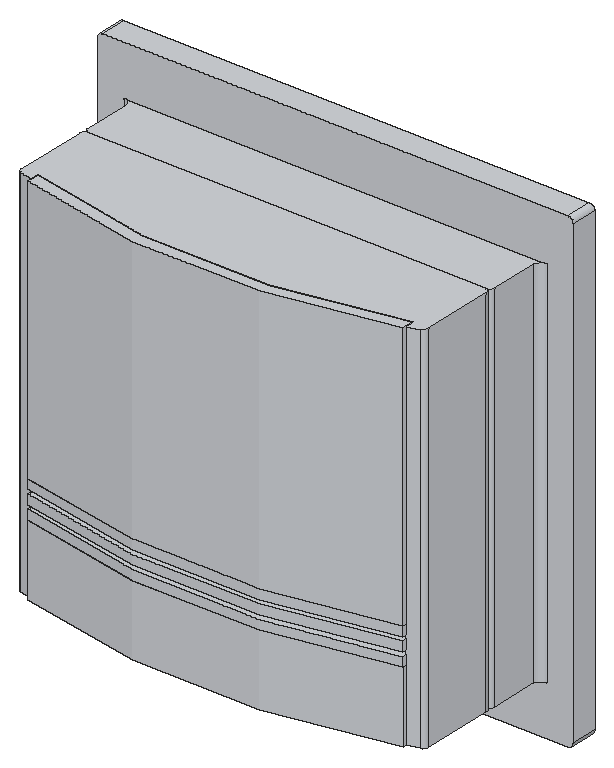
Revit family "室内用湿度ｾﾝｻｰver.2019(ロゴなし)", category 電気設備, Revit 2019
Family settings
  パネル構成 = 2 列表示、回路横
  丸型コネクタ寸法 = 直径を使用
  パーツ タイプ = 配電盤
  OmniClass 番号 = 23.80.30.11.17
  OmniClass タイトル = Distribution Boards and Control Panels
  作業面ベース = いいえ
  常に垂直 = はい
  ロード時にボイドで切り取り = いいえ
  共有 = いいえ
  部屋計算ポイント = いいえ
Parameters
  電線管φ [instance] = 1 mm
Reference planes
  plane 1 "中心(正面/背面)": y = 0
  plane 2: z = 0
  plane 3 "中心(左/右)": x = 0
Forms (mm)
  Extrusion 1, solid
    sketch origin (0, 0, 0) x (1, 0, 0) y (0, 0, 1)
      loop
        arc (-45, -44) -> (-44.707, -44.707) -> (-44, -45) r 1
        line (-44, -45) -> (44, -45)
        arc (44, -45) -> (44.707, -44.707) -> (45, -44) r 1
        line (45, -44) -> (45, 44)
        arc (45, 44) -> (44.707, 44.707) -> (44, 45) r 1
        line (44, 45) -> (-44, 45)
        arc (-44, 45) -> (-44.707, 44.707) -> (-45, 44) r 1
        line (-45, 44) -> (-45, -44)
    from -27.5 to -22.5
  Extrusion 2, solid
    sketch origin (0, 0, 0) x (1, 0, 0) y (0, 1, 0)
      loop
        arc (-40, 22.5) -> (-38.939, 22.061) -> (-38.5, 21) r 1.5
        line (-38.5, 21) -> (-38.5, 12)
        arc (-38.5, 12) -> (-38.207, 11.293) -> (-37.5, 11) r 1
        line (-37.5, 11) -> (37.5, 11)
        arc (37.5, 11) -> (38.207, 11.293) -> (38.5, 12) r 1
        line (38.5, 12) -> (38.5, 21)
        arc (38.5, 21) -> (38.939, 22.061) -> (40, 22.5) r 1.5
        line (40, 22.5) -> (-40, 22.5)
    from -35.5 to 35.41
  Extrusion 3, solid
    sketch origin (0, 0, 0) x (1, 0, 0) y (0, 1, 0)
      loop
        arc (-37.5, 11) -> (-38.207, 10.707) -> (-38.5, 10) r 1
        line (-38.5, 10) -> (-38.5, -3.669)
        arc (-38.5, -3.669) -> (-38.307, -4.259) -> (-37.804, -4.622) r 1
        arc (-37.804, -4.622) -> (-36.654, -4.982) -> (-35.5, -5.331) r 124.5
        line (-35.5, -5.331) -> (-35.5, -3.557)
        arc (-35.5, -3.557) -> (0, -8.8) -> (35.5, -3.557) r 122.8
        line (35.5, -3.557) -> (35.5, -5.331)
        arc (35.5, -5.331) -> (36.654, -4.982) -> (37.804, -4.622) r 124.5
        arc (37.804, -4.622) -> (38.307, -4.259) -> (38.5, -3.669) r 1
        line (38.5, -3.669) -> (38.5, 10)
        arc (38.5, 10) -> (38.207, 10.707) -> (37.5, 11) r 1
        line (37.5, 11) -> (-37.5, 11)
    from -35.5 to 35.5
  Extrusion 4, solid
    sketch origin (0, 0, 0) x (1, 0, 0) y (0, 1, 0)
      loop
        arc (-35.5, -5.853) -> (0, -11) -> (35.5, -5.853) r 125
        line (35.5, -5.853) -> (35.5, -3.557)
        arc (35.5, -3.557) -> (0, -8.8) -> (-35.5, -3.557) r 122.8
        line (-35.5, -3.557) -> (-35.5, -5.853)
    from -35.5 to -22
  Extrusion 5, solid
    sketch origin (0, -0.043, 0) x (1, 0, 0) y (0, 1, 0)
      loop
        arc (-35.5, -5.853) -> (0, -11) -> (35.5, -5.853) r 125
        line (35.5, -5.853) -> (35.5, -3.557)
        arc (35.5, -3.557) -> (0, -8.8) -> (-35.5, -3.557) r 122.8
        line (-35.5, -3.557) -> (-35.5, -5.853)
    from -15 to 35.5
  Extrusion 6, solid
    sketch origin (0, -0.043, -4.4) x (1, 0, 0) y (0, 1, 0)
      loop
        arc (-35.5, -5.853) -> (0, -11) -> (35.5, -5.853) r 125
        line (35.5, -5.853) -> (35.5, -3.557)
        arc (35.5, -3.557) -> (0, -8.8) -> (-35.5, -3.557) r 122.8
        line (-35.5, -3.557) -> (-35.5, -5.853)
    from -15 to -13.2
  Extrusion 7, solid
    sketch origin (0, -0.043, -1.8) x (1, 0, 0) y (0, 1, 0)
      loop
        arc (-35.5, -5.853) -> (0, -11) -> (35.5, -5.853) r 125
        line (35.5, -5.853) -> (35.5, -3.557)
        arc (35.5, -3.557) -> (0, -8.8) -> (-35.5, -3.557) r 122.8
        line (-35.5, -3.557) -> (-35.5, -5.853)
    from -15 to -13.2
  Extrusion 8, solid
    sketch origin (0, -0.043, -7) x (1, 0, 0) y (0, 1, 0)
      loop
        arc (-35.5, -5.853) -> (0, -11) -> (35.5, -5.853) r 125
        line (35.5, -5.853) -> (35.5, -3.557)
        arc (35.5, -3.557) -> (0, -8.8) -> (-35.5, -3.557) r 122.8
        line (-35.5, -3.557) -> (-35.5, -5.853)
    from -15 to -13.2
  Extrusion 9, solid
    sketch origin (0, 0, 0) x (1, 0, 0) y (0, 0, 1)
      loop
        circle (0, 0) r 0.5
    from -27.5 to -11
Dimensions and locks
  "電線管φ": diameter of Extrusion 9 sketch curve
  aligned and locked: level to plane 2
Automatic sketch dimensions
  Extrusion 1 sketch curve to plane 3 "中心(左/右)" = 45 mm
  Extrusion 1 sketch curve to Extrusion 1 sketch curve = 1 mm  (x3)
  plane 3 "中心(左/右)" to Extrusion 1 sketch curve = 44 mm  (x2)
  Extrusion 1 sketch curve to level = 45 mm
  level to Extrusion 1 sketch curve = 44 mm
  Extrusion 2 sketch curve to plane 3 "中心(左/右)" = 40 mm
  Extrusion 2 sketch curve to Extrusion 2 sketch curve = 1.5 mm  (x2)
  Extrusion 2 sketch curve to Extrusion 2 sketch curve = 1 mm  (x2)
  Extrusion 2 sketch curve to plane 1 "中心(正面/背面)" = 11 mm
  plane 3 "中心(左/右)" to Extrusion 2 sketch curve = 37.5 mm
  Extrusion 2 sketch curve to Extrusion 2 sketch curve = 9 mm  (x2)
  Extrusion 2 sketch curve to Extrusion 2 sketch curve = 0 mm  (x3)
  Extrusion 3 sketch curve to Extrusion 3 sketch curve = 0 mm  (x6)
  Extrusion 3 sketch curve to plane 3 "中心(左/右)" = 0 mm
  plane 1 "中心(正面/背面)" to Extrusion 3 sketch curve = 5.331 mm  (x2)
  Extrusion 3 sketch curve to plane 3 "中心(左/右)" = 35.5 mm
  Extrusion 3 sketch curve to Extrusion 3 sketch curve = 2 mm  (x4)
  Extrusion 3 sketch curve to Extrusion 3 sketch curve = 1 mm  (x2)
  plane 3 "中心(左/右)" to Extrusion 3 sketch curve = 35.5 mm
  Extrusion 3 sketch curve to Extrusion 3 sketch curve = 1.662 mm  (x2)
  Extrusion 3 sketch curve to Extrusion 3 sketch curve = 1.775 mm
  Extrusion 3 sketch curve to plane 1 "中心(正面/背面)" = 10 mm
  Extrusion 3 sketch curve to Extrusion 3 sketch curve = 103 mm
  Extrusion 4 sketch curve to Extrusion 4 sketch curve = 0 mm  (x2)
  Extrusion 4 sketch curve to plane 3 "中心(左/右)" = 0 mm
  plane 1 "中心(正面/背面)" to Extrusion 4 sketch curve = 5.853 mm  (x2)
  Extrusion 4 sketch curve to plane 3 "中心(左/右)" = 35.5 mm
  Extrusion 4 sketch curve to Extrusion 4 sketch curve = 2.296 mm
  Extrusion 4 sketch curve to plane 1 "中心(正面/背面)" = 114 mm
  Extrusion 5 sketch curve to Extrusion 5 sketch curve = 0 mm  (x2)
  Extrusion 5 sketch curve to plane 3 "中心(左/右)" = 0 mm
  plane 1 "中心(正面/背面)" to Extrusion 5 sketch curve = 5.896 mm  (x2)
  Extrusion 5 sketch curve to plane 3 "中心(左/右)" = 35.5 mm
  Extrusion 5 sketch curve to Extrusion 5 sketch curve = 2.296 mm
  Extrusion 5 sketch curve to plane 1 "中心(正面/背面)" = 113.957 mm
  Extrusion 6 sketch curve to Extrusion 6 sketch curve = 0 mm  (x2)
  Extrusion 6 sketch curve to plane 3 "中心(左/右)" = 0 mm
  plane 1 "中心(正面/背面)" to Extrusion 6 sketch curve = 5.896 mm  (x2)
  Extrusion 6 sketch curve to plane 3 "中心(左/右)" = 35.5 mm
  Extrusion 6 sketch curve to Extrusion 6 sketch curve = 2.296 mm
  Extrusion 6 sketch curve to plane 1 "中心(正面/背面)" = 113.957 mm
  Extrusion 7 sketch curve to Extrusion 7 sketch curve = 0 mm  (x2)
  Extrusion 7 sketch curve to plane 3 "中心(左/右)" = 0 mm
  plane 1 "中心(正面/背面)" to Extrusion 7 sketch curve = 5.896 mm  (x2)
  Extrusion 7 sketch curve to plane 3 "中心(左/右)" = 35.5 mm
  Extrusion 7 sketch curve to Extrusion 7 sketch curve = 2.296 mm
  Extrusion 7 sketch curve to plane 1 "中心(正面/背面)" = 113.957 mm
  Extrusion 8 sketch curve to Extrusion 8 sketch curve = 0 mm  (x2)
  Extrusion 8 sketch curve to plane 3 "中心(左/右)" = 0 mm
  plane 1 "中心(正面/背面)" to Extrusion 8 sketch curve = 5.896 mm  (x2)
  Extrusion 8 sketch curve to plane 3 "中心(左/右)" = 35.5 mm
  Extrusion 8 sketch curve to Extrusion 8 sketch curve = 2.296 mm
  Extrusion 8 sketch curve to plane 1 "中心(正面/背面)" = 113.957 mm
  Extrusion 9 sketch curve to level = 0 mm
  Extrusion 9 sketch curve to plane 3 "中心(左/右)" = 0 mm
Connectors
  electrical at (0, 22.5, -0.045)
    settings: on Extrusion 2, index 1, voltage 0 V, apparent load 0 VA, apparent load phase1 0 VA, apparent load phase2 0 VA, apparent load phase3 0 VA, power factor 1, load classification "その他", number of poles 1, system type 31, power factor state 1, is connector primary yes, connector utility no, sub classification motor no, connector description ""
  cabletrayconduit at (0, 27.5, 0), diameter 1, driven by "電線管φ"
    settings: on Extrusion 9, index 2, connector width 300 mm, connector height 300 mm, connector angle 0.00°, system type 32, placement type 0, profile type 0, connector reference index -1, is primary connector yes, connector utility param no, connector description ""
